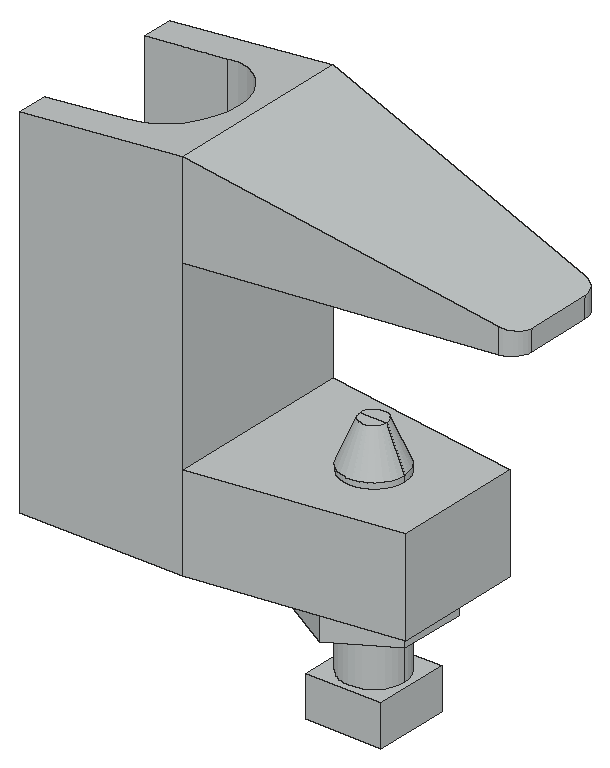
Revit family "beam clamp-c 7203", category Pipe Accessories, Revit 2018
Family settings
  Round Connector Dimension = Use Diameter
  Part Type = Normal
  Work Plane-Based = No
  Always vertical = Yes
  Cut with Voids When Loaded = No
  Shared = No
Parameters (values of type "FNW7203PC -Plain 3/8-16")
  Weight [instance] = "4.94 oz"  # constant formula
  URL = "http://www.fnw.com"
  SSR = 0.125"  # constant formula
  SQH = 0.153"  # constant formula
  RD = 0.375"  # constant formula
  Product ID [instance] = ""
  Part Number [instance] = "FNW7203PC"
  Material = Steel, Galvanized
  F = 0.880"  # constant formula
  E = 0.410"  # constant formula
  Description BOM [instance] = "Jr. Beam Clamp Plain 3/8-16"
  D = 0.750"  # constant formula
  C Half [instance] = C / 2  # 0.762"
  C = 1.524"  # constant formula
  B = 1.220"  # constant formula
  A = 1.880"  # constant formula
Types (2): name | Part Number | Material | Description BOM
  FNW7203PC -Plain 3/8-16 | "FNW7203PC" | Steel, Galvanized | "Jr. Beam Clamp Plain 3/8-16"
  FNW7203ZC -Zinc 3/8-16 | "FNW7203ZC" | Zinc | "Jr. Beam Clamp Zinc 3/8-16"
Reference planes (in)
  plane 1 "Center (Front/Back)": y = 0
  plane 2: z = 0
  plane 3 "Center (Left/Right)": x = 0
  plane 4: x = -0.88
  plane 5: x = 0.75
  plane 6: z = 1.524
  plane 7: x = -1.13
  plane 8: x = -0.47
  plane 9: z = 1.137
  plane 10: z = 0.387
  plane 11: z = 0.762
  plane 12: x = 0.34
  plane 13: y = 0.205
  plane 14: y = -0.205
  plane 15: y = 0.3798
  plane 16: y = -0.3798
Forms (in)
  Extrusion 1, solid, material "Steel, Galvanized" <- "Material"
    sketch origin (0, 0, 0) x (1, 0, 0) y (0, 0, 1)
      loop
        line (-1.13, 1.524) -> (-1.13, 0) -> (0.34, 0) -> (0.34, 0.387) -> (-0.47, 0.387) -> (-0.47, 1.137) -> (0.75, 1.137) -> (0.75, 1.524) -> (-1.13, 1.524)
    from -0.3798 to 0.3798
  Extrusion 2, void
    sketch origin (0, 0, 0) x (1, 0, 0) y (0, 1, 0)
      loop
        line (-0.47, 0.3798) -> (0.67961, 0.21509)
        arc (0.67961, 0.21509) -> (0.72995, 0.18762) -> (0.75, 0.13389) r 0.08202
        line (0.75, 0.13389) -> (0.75, -0.13389)
        arc (0.75, -0.13389) -> (0.72995, -0.18762) -> (0.67961, -0.21509) r 0.08202
        line (0.67961, -0.21509) -> (-0.47, -0.3798) -> (-0.47, -0.6298) -> (1.06638, -0.6298) -> (1.06638, 0) -> (1.06638, 0.6298) -> (-0.47, 0.6298) -> (-0.47, 0.3798)
    from 0 to 1.52432
  Extrusion 3, void
    sketch origin (0, 0, 0) x (1, 0, 0) y (0, 1, 0)
      loop
        circle (-0.88, 0) r 0.1875
    from 0 to 1.52432
  Extrusion 4, void
    sketch origin (0, 0, 0) x (1, 0, 0) y (0, 0, 1)
      loop
        line (0.85897, 1.19397) -> (0.85897, 1.7367) -> (-1.24803, 1.7367) -> (-1.24803, 1.44174) -> (-0.46534, 1.524) -> (0.85897, 1.19397)
    from -0.3798 to 0.3798
  Extrusion 5, void
    sketch origin (0, 0, 0) x (1, 0, 0) y (0, 1, 0)
      loop
        line (-1.33107, 0.25187) -> (-1.33107, -0.25188) -> (-0.79733, -0.25188)
        arc (-0.79733, -0.25188) -> (-0.54545, 0) -> (-0.79733, 0.25187) r 0.25188
        line (-0.79733, 0.25187) -> (-1.33107, 0.25187)
    from 0.38716 to 1.81117
  Revolve 6, solid, material "Steel, Galvanized" <- "Material"
    sketch origin (0, 0, 0) x (1, 0, 0) y (0, 0, 1)
      loop
        line (0, 0.5745) -> (-0.05343, 0.5745) -> (-0.125, 0.40775) -> (-0.125, -0.34209) -> (0, -0.34209) -> (0, 0.5745)
      axis (0, 0.5745) -> (0, -0.34209)
    angle from 0 to 360
  Extrusion 7, solid, material "Steel, Galvanized" <- "Material"
    sketch origin (0, 0, 0) x (1, 0, 0) y (0, 1, 0)
      loop
        line (0.23551, 0.13597) -> (0, 0.27194) -> (-0.23551, 0.13597) -> (-0.23551, -0.13597) -> (0, -0.27194) -> (0.23551, -0.13597) -> (0.23551, 0.13597)
    from -0.12069 to 0
  Extrusion 8, solid, material "Steel, Galvanized" <- "Material"
    sketch origin (0, 0, 0) x (1, 0, 0) y (0, 1, 0)
      loop
        line (-0.153, 0.153) -> (-0.153, -0.153) -> (0.153, -0.153) -> (0.153, 0.153) -> (-0.153, 0.153)
    from -0.50563 to -0.34209
Cuts and joins
  Extrusion 2, Extrusion 3, Extrusion 4, Extrusion 5 cuts Extrusion 1
Lines and regions (in)
  reference lines
    curve 1: line (-0.88, 0, 1.524) -> (-0.88, 0, 0)
    curve 2: line (-1.13, 0, 0) -> (0.75, 0, 0)
Dimensions and locks (in)
  "F": plane 3 "Center (Left/Right)" to plane 4
  "C": plane 6 to plane 2
  plane 4 to plane 7 = 0.250"
  "A": plane 7 to plane 5
  "B": plane 8 to plane 5
  "D": plane 9 to plane 10
  "C Half": plane 11 to plane 2
  equal spacing: plane 9, plane 11, plane 10
  "B": plane 12 to plane 4
  equal spacing: plane 14, plane 1 "Center (Front/Back)", plane 13
  "E": plane 14 to plane 13
  "SSR": plane 3 "Center (Left/Right)" to Revolve 6 sketch curve
  "SQH": plane 1 "Center (Front/Back)" to Extrusion 8 sketch curve  (x2)
  "SQH": plane 3 "Center (Left/Right)" to Extrusion 8 sketch curve
  "SQH": Extrusion 8 sketch curve to plane 3 "Center (Left/Right)"
  "RD": diameter of Extrusion 3 sketch curve
  aligned and locked: plane 2 to level
  aligned and locked: Extrusion 1 sketch curve to plane 12
  aligned and locked: plane 5 to Extrusion 1 sketch curve
  aligned and locked: plane 6 to Extrusion 1 sketch curve
  aligned and locked: Extrusion 1 sketch curve to plane 7
  aligned and locked: Extrusion 1 to plane 16
  aligned and locked: Extrusion 1 to plane 15
Automatic sketch dimensions
  plane 8 to Extrusion 1 sketch curve = 0.000"
  Extrusion 1 sketch curve to level = 0.000"
  Extrusion 1 sketch curve to plane 10 = 0.000"
  Extrusion 1 sketch curve to plane 9 = 0.000"
  Extrusion 2 sketch curve to plane 8 = 0.000"  (x2)
  Extrusion 2 sketch curve to plane 5 = 0.000"
  plane 1 "Center (Front/Back)" to Extrusion 2 sketch curve = 0.000"
  Extrusion 2 sketch curve to plane 16 = 0.000"
  plane 14 to Extrusion 2 sketch curve = 0.07111"
  plane 15 to Extrusion 2 sketch curve = 0.000"
  plane 5 to Extrusion 2 sketch curve = 0.08202"
  Extrusion 2 sketch curve to plane 13 = 0.01009"
  plane 5 to Extrusion 2 sketch curve = 0.07039"
  Extrusion 2 sketch curve to plane 5 = 0.31638"
  Extrusion 2 sketch curve to plane 16 = 0.250"
  Extrusion 2 sketch curve to plane 15 = 0.250"
  Extrusion 2 sketch curve to plane 14 = 0.01009"
  Extrusion 2 sketch curve to Extrusion 2 sketch curve = 0.08202"
  plane 7 to Extrusion 4 sketch curve = 0.11803"
  plane 6 to Extrusion 4 sketch curve = 0.08226"
  Extrusion 4 sketch curve to plane 6 = 0.2127"
  Extrusion 4 sketch curve to plane 8 = 0.00466"
  Extrusion 4 sketch curve to plane 5 = 0.10897"
  plane 9 to Extrusion 4 sketch curve = 0.05697"
  Extrusion 4 sketch curve to plane 6 = 0.000"
  plane 1 "Center (Front/Back)" to Extrusion 5 sketch curve = 0.000"
  Extrusion 5 sketch curve to plane 13 = 0.04687"
  plane 7 to Extrusion 5 sketch curve = 0.20107"
  plane 4 to Extrusion 5 sketch curve = 0.08267"
  curve 1 to level = 0.000"
  curve 1 to plane 4 = 0.000"
  curve 1 to plane 6 = 0.000"
  plane 1 "Center (Front/Back)" to curve 2 = 0.000"
  curve 2 to plane 7 = 0.000"
  curve 2 to plane 5 = 0.000"
  plane 1 "Center (Front/Back)" to Extrusion 3 sketch curve = 0.000"
  Extrusion 3 sketch curve to plane 4 = 0.000"
  Revolve 6 sketch curve to plane 3 "Center (Left/Right)" = 0.000"  (x2)
  Revolve 6 sketch curve to Revolve 6 sketch curve = 0.05343"
  Revolve 6 sketch curve to level = 0.34209"
  plane 10 to Revolve 6 sketch curve = 0.02075"
  Revolve 6 sketch curve to Revolve 6 sketch curve = 0.16675"
  Revolve 6 sketch curve to Revolve 6 sketch curve = 1.02075"
  Revolve 6 sketch curve to Revolve 6 sketch curve = 0.0625"
